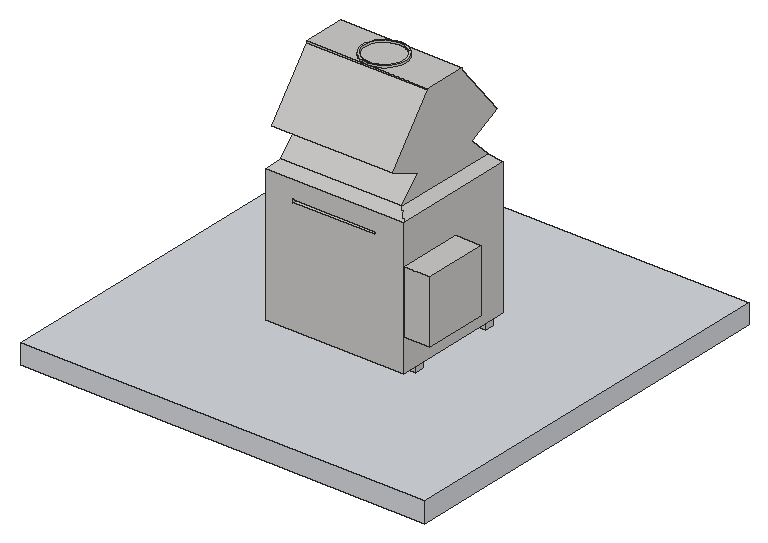
Revit family "DC_Rheem_PLM_Raypak_B0538ID", category Plumbing Fixtures, host Face, Revit 2020
Family settings
  Host = Face
  Round Connector Dimension = Use Radius
  Part Type = Normal
  Cut with Voids When Loaded = No
  Shared = No
  Room Calculation Point = No
Parameters (values of type "Raypak - Gas Water Heater- Indoor - 505 MJ/h  Propane gas, On/Off gas control")
  Width_ANZRS = 830 mm
  URL = "http://www.rheem.com.au/CommercialProducts"
  Type Comments = "Recovery 1978L/h @ 50oC rise\r\n"
  TopH2_ANZRS = 125 mm
  TopH1_ANZRS = 350 mm
  TopDiaSmall_ANZRS = 255 mm
  TopDiaBig_ANZRS = 785 mm
  T_ANZRS = 50 mm
  Materials_ANZRS = Raypak - Grey Powder Coated Steel
  PVRDist_ANZRS = 85 mm
  PRV_ANZRS = 15 mm
  Model = "B0538PCO/ID\r\n\r\n\r\n"
  Manufacturer = "Raypak\r\n"
  Length_ANZRS = 750 mm
  L1_ANZRS = 387 mm
  HotWateroutletradius_ANZRS = 32.5 mm
  HotWateroutletDiameter_ANZRS = HotWateroutletradius_ANZRS * 2  # 65 mm
  HotWaterConn.Dist_ANZRS = 155 mm
  Height_ANZRS = 1460 mm
  H1_ANZRS = 935 mm
  GasInletradius_ANZRS = 12.5 mm
  GasInletHeight_ANZRS = 435 mm
  GasInletDiameter_ANZRS = GasInletradius_ANZRS * 2  # 25 mm
  GasConn.Dist_ANZRS = 95 mm
  EleBoxW_ANZRS = 160 mm
  EleBoxHeightFromBase_ANZRS = 235 mm
  EleBoxHeight_ANZRS = 380 mm
  DesignBy_ANZRS = "Design Content ©"
  Description = "Raypak - Gas Water Heater- Indoor - 505 MJ/h  Propane gas, On/Off gas control"
  Default Elevation = 0 mm  # constant formula
  ConnHeight_ANZRS = 745 mm
  ColdWaterInletRadius_ANZRS = 32.5 mm
  ColdWaterInletDiameter_ANZRS = ColdWaterInletRadius_ANZRS * 2  # 65 mm
  ColdWaterConn.Dist_ANZRS = 280 mm
  BoxHeight_ANZRS = 850 mm
  Base1Dist_ANZRS = 75 mm
  BaseWidth_ANZRS = 55 mm
  BaseHeight_ANZRS = 35 mm
  Basae2Dist_ANZRS = 95 mm
  Author_ANZRS = "DM"
  Assembly Code = ""
Types (4, lengths in mm): name | Type Comments | Model | GasInletradius_ANZRS | GasInletDiameter_ANZRS | Description
  Raypak - Gas Water Heater- Indoor - 539 MJ/h  Natural gas, modulating gas control | "Recovery 2064L/h @ 50oC rise\r\n" | "B0538NCM/ID\r\n" | 12.5 | 25 | "Raypak - Gas Water Heater- Indoor - 539 MJ/h  Natural gas, modulating gas control\r\n"
  Raypak - Gas Water Heater- Indoor - 539  MJ/h  Natural gas, On/Off gas control | "Recovery 2064L/h @ 50oC rise\r\n" | "B0538NCO/ID\r\n" | 12.5 | 25 | "Raypak - Gas Water Heater- Indoor - 539  MJ/h  Natural gas, On/Off gas control\r\n"
  Raypak - Gas Water Heater- Indoor - 505 MJ/h  Propane gas, modulating gas control | "Recovery 1978L/h @ 50oC rise\r\n" | "B0538PCM/ID\r\n\r\n" | 10 | 20 | "Raypak - Gas Water Heater- Indoor - 505 MJ/h  Propane gas, modulating gas control\r\n"
  Raypak - Gas Water Heater- Indoor - 505 MJ/h  Propane gas, On/Off gas control | "Recovery 1978L/h @ 50oC rise\r\n" | "B0538PCO/ID\r\n\r\n\r\n" | 12.5 | 25 | "Raypak - Gas Water Heater- Indoor - 505 MJ/h  Propane gas, On/Off gas control"
Reference planes
  plane 1 "Center (Front/Back)": y = 0
  plane 2: z = 0
  plane 3 "Center (Left/Right)": x = 0
  plane 4: y = 375
  plane 5: y = -375
  plane 6: x = -415
  plane 7: x = 415
  plane 8: z = 35
  plane 9: z = 850
  plane 10: y = 300
  plane 11: y = 245
  plane 12: y = -225
  plane 13: y = -280
  plane 14: y = -280
  plane 15: y = 220
  plane 16: y = -60
  plane 17: z = 745
  plane 18: y = 290
  plane 19: y = 127.5
  plane 20: y = -127.5
  plane 21: y = 392.5
  plane 22: y = -392.5
  plane 23: z = 1460
  plane 24: z = 1110
  plane 25: z = 985
  plane 26: y = 325
  plane 27: y = -325
  plane 28: z = 900
  plane 29: z = 435
  plane 30: x = -392.5
  plane 31: x = 392.5
  plane 32: x = -127.5
  plane 33: x = 127.5
  plane 34: x = 575
  plane 35: z = 615
  plane 36: z = 235
  plane 37: z = 725
  plane 38: x = 250
  plane 39: x = -250
  plane 40: y = -365
  plane 41: x = -405
  plane 42: z = 1440
  plane 43: z = 1450
  plane 44: y = -117.5
  plane 45 "Electrical Box End": y = 10
Forms (mm)
  Extrusion 1, solid
    sketch origin (0, 0, 0) x (1, 0, 0) y (0, 1, 0)
      loop
        line (-1219.2, 1219.2) -> (-1219.2, -1219.2) -> (1219.2, -1219.2) -> (1219.2, 1219.2) -> (-1219.2, 1219.2)
    from 0 to -120
  Extrusion 2, solid, material "Raypak - Grey Powder Coated Steel" <- "Materials_ANZRS"
    sketch origin (0, 0, 0) x (1, 0, 0) y (0, 1, 0)
      loop
        line (-415, 375) -> (-415, -375) -> (415, -375) -> (415, 375) -> (-415, 375)
    from 35 to 850
  Extrusion 3, solid, material "Raypak - Grey Powder Coated Steel" <- "Materials_ANZRS"
    sketch origin (0, 0, 0) x (0, 1, 0) y (0, 0, 1)
      loop
        line (300, 35) -> (245, 35) -> (245, 0) -> (300, 0) -> (300, 35)
      loop
        line (-225, 35) -> (-280, 35) -> (-280, 0) -> (-225, 0) -> (-225, 35)
    from -415 to 415
  Extrusion 4, solid, material "Raypak - Grey Powder Coated Steel" <- "Materials_ANZRS"
    sketch origin (0, 0, 0) x (1, 0, 0) y (0, 0, 1)
      loop
        line (415, 615) -> (415, 235) -> (575, 235) -> (575, 615) -> (415, 615)
    from -10 to 375
  Extrusion 5, void
    sketch origin (0, 0, 0) x (1, 0, 0) y (0, 0, 1)
      loop
        line (-250, 745) -> (-250, 725) -> (250, 725) -> (250, 745) -> (-250, 745)
    from 344.946 to 375
  Extrusion 6, void
    sketch origin (0, 0, 0) x (0, 1, 0) y (0, 0, 1)
      loop
        circle (290, 745) r 15
      loop
        circle (220, 745) r 32.5
      loop
        circle (-60, 745) r 32.5
      loop
        circle (-280, 435) r 12.5
    from -415 to -405
  Blend 7, solid, material "Raypak - Grey Powder Coated Steel" <- "Materials_ANZRS"
    base sketch origin (0, 0, 0) x (1, 0, 0) y (0, 1, 0)
      loop
        line (-415, 375) -> (-415, -375) -> (415, -375) -> (415, 375) -> (-415, 375)
    top sketch origin (0, 0, 0) x (1, 0, 0) y (0, 1, 0)
      loop
        line (365, 325) -> (-365, 325) -> (-365, -325) -> (365, -325) -> (365, 325)
    from 850 to 900
  Extrusion 8, solid, material "Raypak - Grey Powder Coated Steel" <- "Materials_ANZRS"
    sketch origin (0, 0, 0) x (0, 1, 0) y (0, 0, 1)
      loop
        line (127.5, 1440) -> (127.5, 1450) -> (-127.5, 1450) -> (-127.5, 1440) -> (-392.5, 1110) -> (-200.648, 1024.352) -> (-325, 900) -> (325, 900) -> (200.648, 1024.352) -> (392.5, 1110) -> (127.5, 1440)
    from -365 to 365
  Revolve 9, solid, material "Raypak - Grey Powder Coated Steel" <- "Materials_ANZRS"
    sketch origin (0, 0, 0) x (0, 1, 0) y (0, 0, 1)
      loop
        line (-127.5, 1450) -> (-117.5, 1450) -> (-117.5, 1460) -> (-127.5, 1460) -> (-127.5, 1450)
      axis (0, 1460) -> (0, 1450)
    angle from 0 to 360
Cuts and joins
  Extrusion 5, Extrusion 6 cuts Extrusion 2
Lines and regions (mm)
  Masking region 1
    outline origin (0, 0, 0) x (1, 0, 0) y (0, 0, 1)
      loop
        line (-365, 1450) -> (-365, 900) -> (-415, 850) -> (-415, 0) -> (415, 0) -> (415, 235) -> (575, 235) -> (575, 615) -> (415, 615) -> (415, 850) -> (365, 900) -> (365, 1450) -> (127.5, 1450) -> (127.5, 1460) -> (-127.5, 1460) -> (-127.5, 1450) -> (-365, 1450)
  Masking region 2
    outline origin (0, 0, 0) x (0, 1, 0) y (0, 0, 1)
      loop
        line (-127.5, 1460) -> (-127.5, 1440) -> (-392.5, 1110) -> (-200.648, 1024.352) -> (-375, 850) -> (-375, 0) -> (375, 0) -> (375, 850) -> (200.648, 1024.352) -> (392.5, 1110) -> (127.5, 1440) -> (127.5, 1460) -> (-127.5, 1460)
  symbolic lines, style "Raypak - Raypak", detail levels fine
    curve 1: line (-365, 392.5, 0) -> (365, 392.5, 0)
    curve 2: line (-365, -392.5, 0) -> (-365, 392.5, 0)
    curve 3: line (365, -392.5, 0) -> (-365, -392.5, 0)
    curve 4: line (365, 392.5, 0) -> (365, -392.5, 0)
    curve 5: line (365, 127.5, 0) -> (-365, 127.5, 0)
    curve 6: line (-365, -127.5, 0) -> (365, -127.5, 0)
    curve 7: arc (0, 127.5, 0) -> (127.5, 0, 0) -> (0, -127.5, 0) r 127.5
    curve 8: arc (0, -127.5, 0) -> (-127.5, 0, 0) -> (0, 127.5, 0) r 127.5
    curve 9: arc (0, -117.5, 0) -> (-117.5, 0, 0) -> (0, 117.5, 0) r 117.5
    curve 10: arc (0, 117.5, 0) -> (117.5, 0, 0) -> (0, -117.5, 0) r 117.5
    curve 11: line (-415, 375, 0) -> (-415, -375, 0)
    curve 12: line (415, -375, 0) -> (415, 375, 0)
    curve 13: line (-415, -375, 0) -> (-365, -375, 0)
    curve 14: line (415, 375, 0) -> (365, 375, 0)
    curve 15: line (365, 325, 0) -> (415, 375, 0)
    curve 16: line (415, -375, 0) -> (365, -325, 0)
    curve 17: line (-415, -375, 0) -> (-365, -325, 0)
    curve 18: line (-415, 375, 0) -> (-365, 325, 0)
    curve 19: line (575, 10, 0) -> (415, 10, 0)
    curve 20: line (575, -375, 0) -> (575, 10, 0)
    curve 21: line (415, -375, 0) -> (575, -375, 0)
    curve 22: line (365, -375, 0) -> (415, -375, 0)
    curve 23: line (-365, 375, 0) -> (-415, 375, 0)
    curve 24: line (-365, 0, 1450) -> (-365, 0, 900)
    curve 25: line (365, 0, 1450) -> (-365, 0, 1450)
    curve 26: line (-127.5, 0, 1460) -> (127.5, 0, 1460)
    curve 27: line (127.5, 0, 1450) -> (127.5, 0, 1460)
    curve 28: line (-127.5, 0, 1450) -> (-127.5, 0, 1460)
    curve 29: line (-365, 0, 1440) -> (365, 0, 1440)
    curve 30: line (-365, 0, 1110) -> (365, 0, 1110)
    curve 31: line (-365, 0, 1024.352) -> (365, 0, 1024.352)
    curve 32: line (-365, 0, 900) -> (365, 0, 900)
    curve 33: line (-365, 0, 900) -> (-415, 0, 850)
    curve 34: line (415, 0, 850) -> (365, 0, 900)
    curve 35: line (415, 0, 35) -> (415, 0, 850)
    curve 36: line (-415, 0, 850) -> (-415, 0, 35)
    curve 37: line (-415, 0, 850) -> (415, 0, 850)
    curve 38: line (-415, 0, 35) -> (415, 0, 35)
    curve 39: line (-415, 0, 35) -> (-415, 0, 0)
    curve 40: line (-415, 0, 0) -> (415, 0, 0)
    curve 41: line (415, 0, 0) -> (415, 0, 35)
    curve 42: line (415, 0, 235) -> (575, 0, 235)
    curve 43: line (575, 0, 235) -> (575, 0, 615)
    curve 44: line (575, 0, 615) -> (415, 0, 615)
    curve 45: line (250, 0, 745) -> (-250, 0, 745)
    curve 46: line (250, 0, 725) -> (250, 0, 745)
    curve 47: line (-250, 0, 725) -> (250, 0, 725)
    curve 48: line (-250, 0, 745) -> (-250, 0, 725)
    curve 49: line (0, -127.5, 1460) -> (0, 127.5, 1460)
    curve 50: line (0, 127.5, 1450) -> (0, -127.5, 1450)
    curve 51: line (0, -127.5, 1460) -> (0, -127.5, 1440)
    curve 52: line (0, 127.5, 1440) -> (0, 127.5, 1460)
    curve 53: line (0, -127.5, 1440) -> (0, -392.5, 1110)
    curve 54: line (0, 392.5, 1110) -> (0, 127.5, 1440)
    curve 55: line (0, 200.648, 1024.352) -> (0, 392.5, 1110)
    curve 56: line (0, -392.5, 1110) -> (0, -200.648, 1024.352)
    curve 57: line (0, -200.648, 1024.352) -> (0, -375, 850)
    curve 58: line (0, 375, 850) -> (0, 200.648, 1024.352)
    curve 59: line (0, -375, 850) -> (0, 375, 850)
    curve 60: line (0, -325, 900) -> (0, 325, 900)
    curve 61: line (0, -375, 850) -> (0, -375, 35)
    curve 62: line (0, 375, 35) -> (0, 375, 850)
    curve 63: line (0, -375, 35) -> (0, 375, 35)
    curve 64: line (0, 245, 35) -> (0, 245, 0)
    curve 65: line (0, 300, 0) -> (0, 300, 35)
    curve 66: line (0, 245, 0) -> (0, 300, 0)
    curve 67: line (0, -225, 0) -> (0, -225, 35)
    curve 68: line (0, -280, 35) -> (0, -280, 0)
    curve 69: line (0, -280, 0) -> (0, -225, 0)
    curve 70: arc (0, -292.5, 435) -> (0, -280, 422.5) -> (0, -267.5, 435) r 12.5
    curve 71: arc (0, -267.5, 435) -> (0, -280, 447.5) -> (0, -292.5, 435) r 12.5
    curve 72: arc (0, -92.5, 745) -> (0, -60, 712.5) -> (0, -27.5, 745) r 32.5
    curve 73: arc (0, -27.5, 745) -> (0, -60, 777.5) -> (0, -92.5, 745) r 32.5
    curve 74: arc (0, 187.5, 745) -> (0, 220, 712.5) -> (0, 252.5, 745) r 32.5
    curve 75: arc (0, 252.5, 745) -> (0, 220, 777.5) -> (0, 187.5, 745) r 32.5
    curve 76: arc (0, 305, 745) -> (0, 290, 760) -> (0, 275, 745) r 15
    curve 77: arc (0, 275, 745) -> (0, 290, 730) -> (0, 305, 745) r 15
Dimensions and locks
  equal spacing: plane 4, plane 1 "Center (Front/Back)", plane 5
  "Length_ANZRS": plane 4 to plane 5
  equal spacing: plane 6, plane 3 "Center (Left/Right)", plane 7
  "Width_ANZRS": plane 6 to plane 7
  "BaseHeight_ANZRS": plane 8 to Extrusion 1
  "BoxHeight_ANZRS": plane 9 to Extrusion 1
  "Base1Dist_ANZRS": plane 4 to plane 10
  "BaseWidth_ANZRS": plane 10 to plane 11
  "Basae2Dist_ANZRS": plane 13 to plane 5
  "BaseWidth_ANZRS": plane 12 to plane 13
  "GasConn.Dist_ANZRS": plane 14 to plane 5
  "HotWaterConn.Dist_ANZRS": plane 4 to plane 15
  "ColdWaterConn.Dist_ANZRS": plane 15 to plane 16
  "ConnHeight_ANZRS": plane 17 to Extrusion 1
  "PVRDist_ANZRS": plane 4 to plane 18
  equal spacing: plane 19, plane 1 "Center (Front/Back)", plane 20
  "TopDiaSmall_ANZRS": plane 19 to plane 20
  equal spacing: plane 21, plane 1 "Center (Front/Back)", plane 22
  "TopDiaBig_ANZRS": plane 21 to plane 22
  "Height_ANZRS": plane 23 to Extrusion 1
  "T_ANZRS": plane 4 to plane 26
  "T_ANZRS": plane 27 to plane 5
  "TopH1_ANZRS": plane 23 to plane 24
  "TopH2_ANZRS": plane 24 to plane 25
  "GasInletHeight_ANZRS": plane 29 to Extrusion 1
  equal spacing: plane 32, plane 3 "Center (Left/Right)", plane 33
  equal spacing: plane 30, plane 3 "Center (Left/Right)", plane 31
  "TopDiaBig_ANZRS": plane 30 to plane 31
  "TopDiaSmall_ANZRS": plane 32 to plane 33
  "EleBoxW_ANZRS": plane 34 to plane 7
  "EleBoxHeight_ANZRS": plane 35 to plane 36
  "EleBoxHeightFromBase_ANZRS": plane 36 to Extrusion 1
  equal spacing: plane 38, plane 3 "Center (Left/Right)", plane 39
  plane 38 to plane 39 = 500 mm
  locked: plane 40 to plane 5 at 10
  locked: plane 6 to plane 41 at 10
  "T_ANZRS": plane 28 to plane 9
  plane 23 to plane 42 = 20 mm
  equal spacing: plane 23, plane 43, plane 42
  locked: plane 44 to plane 20 at 10
  "GasInletradius_ANZRS": radius of Extrusion 6 sketch curve
  "ColdWaterInletRadius_ANZRS": radius of Extrusion 6 sketch curve
  "HotWateroutletradius_ANZRS": radius of Extrusion 6 sketch curve
  "PRV_ANZRS": radius of Extrusion 6 sketch curve
  aligned and locked: plane 2 to Extrusion 1
  aligned and locked: level to Extrusion 1
  aligned and locked: Extrusion 2 sketch curve to plane 4
  aligned and locked: plane 6 to Extrusion 2 sketch curve
  aligned and locked: Extrusion 2 sketch curve to plane 5
  aligned and locked: plane 7 to Extrusion 2 sketch curve
  aligned and locked: Extrusion 2 to plane 8
  aligned and locked: plane 9 to Extrusion 2
  aligned and locked: plane 8 to Extrusion 3 sketch curve  (x2)
  aligned and locked: Extrusion 3 sketch curve to plane 10
  aligned and locked: Extrusion 3 sketch curve to level  (x2)
  aligned and locked: plane 11 to Extrusion 3 sketch curve
  aligned and locked: Extrusion 3 sketch curve to plane 12
  aligned and locked: plane 14 to Extrusion 3 sketch curve
  aligned and locked: Extrusion 3 to plane 6
  aligned and locked: Extrusion 3 to plane 7
  aligned and locked: Extrusion 4 sketch curve to plane 35
  aligned and locked: Extrusion 4 sketch curve to plane 7
  aligned and locked: plane 36 to Extrusion 4 sketch curve
  aligned and locked: Extrusion 4 sketch curve to plane 34
  aligned and locked: Extrusion 5 sketch curve to plane 17
  aligned and locked: plane 39 to Extrusion 5 sketch curve
  aligned and locked: plane 37 to Extrusion 5 sketch curve
  aligned and locked: Extrusion 5 sketch curve to plane 38
  aligned and locked: plane 5 to Extrusion 5
  aligned and locked: plane 17 to Extrusion 6 sketch curve  (x3)
  aligned and locked: plane 18 to Extrusion 6 sketch curve
  aligned and locked: plane 15 to Extrusion 6 sketch curve
  aligned and locked: plane 16 to Extrusion 6 sketch curve
  aligned and locked: plane 14 to Extrusion 6 sketch curve
  aligned and locked: plane 29 to Extrusion 6 sketch curve
  aligned and locked: Extrusion 6 to plane 6
  aligned and locked: Extrusion 6 to plane 41
  aligned and locked: Blend 7 sketch curve to cut or joined group of Extrusion 2, Extrusion 5, Extrusion 6  (x4)
  aligned and locked: Blend 7 to plane 9
  aligned and locked: plane 28 to Blend 7
  aligned and locked: plane 19 to Extrusion 8 sketch curve
  aligned and locked: Extrusion 8 sketch curve to plane 20
  aligned and locked: Extrusion 8 sketch curve to Blend 7  (x2)
  aligned and locked: plane 28 to Extrusion 8 sketch curve
  aligned and locked: Extrusion 8 to Blend 7  (x2)
  aligned and locked: Extrusion 8 sketch curve to plane 43
  aligned and locked: Revolve 9 sketch curve to plane 20
  aligned and locked: plane 23 to Revolve 9 sketch curve
  aligned and locked: Extrusion 8 to Revolve 9 sketch curve
  aligned and locked: Revolve 9 sketch curve to plane 44
  aligned and locked: Masking region 1 sketch curve to Extrusion 8  (x3)
  aligned and locked: Masking region 1 sketch curve to Revolve 9
  aligned and locked: Masking region 1 sketch curve to Blend 7  (x2)
  aligned and locked: Masking region 1 sketch curve to cut or joined group of Extrusion 2, Extrusion 5, Extrusion 6  (x2)
  aligned and locked: Extrusion 1 to Masking region 1 sketch curve
  aligned and locked: Masking region 1 sketch curve to plane 33
  aligned and locked: Masking region 1 sketch curve to plane 32
  aligned and locked: Masking region 1 sketch curve to plane 35
  aligned and locked: Masking region 1 sketch curve to plane 34
  aligned and locked: Masking region 1 sketch curve to plane 36
  aligned and locked: Masking region 2 sketch curve to Revolve 9
  aligned and locked: Masking region 2 sketch curve to Extrusion 8  (x8)
  aligned and locked: Masking region 2 sketch curve to cut or joined group of Extrusion 2, Extrusion 5, Extrusion 6  (x2)
  aligned and locked: Extrusion 1 to Masking region 2 sketch curve
  aligned: cut or joined group of Extrusion 2, Extrusion 5, Extrusion 6 to Extrusion 4
  aligned and locked: cut or joined group of Extrusion 2, Extrusion 5, Extrusion 6 to Extrusion 4
  aligned and locked: Extrusion 4 to plane 45 "Electrical Box End"
  aligned and locked: curve 19 to plane 45 "Electrical Box End"
  aligned and locked: curve 75 to cut or joined group of Extrusion 2, Extrusion 5, Extrusion 6
  aligned and locked: curve 73 to cut or joined group of Extrusion 2, Extrusion 5, Extrusion 6
  aligned and locked: curve 71 to cut or joined group of Extrusion 2, Extrusion 5, Extrusion 6
Automatic sketch dimensions
  Extrusion 1 sketch curve to Extrusion 1 sketch curve = 2438.4 mm  (x2)
  Blend 7 sketch curve to plane 27 = 0 mm
  plane 26 to Blend 7 sketch curve = 0 mm
  Blend 7 sketch curve to plane 41 = 40 mm
  plane 7 to Blend 7 sketch curve = 50 mm
  Extrusion 8 sketch curve to plane 22 = 0 mm
  Extrusion 8 sketch curve to plane 21 = 0 mm
  Extrusion 8 sketch curve to plane 24 = 0 mm  (x2)
  Extrusion 8 sketch curve to plane 42 = 0 mm  (x2)
  Extrusion 8 sketch curve to plane 12 = 24.352 mm
  plane 15 to Extrusion 8 sketch curve = 19.352 mm
  Revolve 9 sketch curve to plane 1 "Center (Front/Back)" = 0 mm
  Revolve 9 sketch curve to level = 2207.352 mm
  plane 23 to Revolve 9 sketch curve = 883.807 mm
  Masking region 1 sketch curve to plane 43 = 0 mm
  plane 7 to Masking region 1 sketch curve = 0 mm
  curve 40 to level = 0 mm
  curve 39 to plane 6 = 0 mm
  curve 29 to plane 42 = 0 mm
  curve 30 to plane 24 = 0 mm
  curve 32 to plane 28 = 0 mm
  curve 47 to plane 37 = 0 mm
  curve 47 to plane 39 = 0 mm
  plane 32 to curve 26 = 0 mm
  plane 33 to curve 27 = 0 mm
  curve 46 to plane 17 = 0 mm
  curve 46 to plane 38 = 0 mm
  plane 7 to curve 40 = 0 mm
  curve 42 to plane 34 = 0 mm
  curve 39 to plane 8 = 0 mm
  curve 43 to plane 36 = 0 mm
  curve 44 to plane 35 = 0 mm
  curve 37 to plane 9 = 0 mm
  curve 27 to plane 43 = 0 mm
  curve 27 to plane 23 = 0 mm
  curve 24 to plane 30 = 27.5 mm
  curve 34 to plane 31 = 27.5 mm
  curve 25 to plane 31 = 27.5 mm
  curve 31 to plane 31 = 27.5 mm
  curve 30 to plane 31 = 27.5 mm
  curve 25 to curve 29 = 0 mm
  curve 31 to plane 25 = 39.352 mm
  curve 53 to plane 22 = 0 mm
  curve 61 to plane 5 = 0 mm
  curve 60 to plane 27 = 0 mm
  curve 68 to plane 13 = 0 mm
  curve 69 to plane 12 = 0 mm
  curve 53 to plane 20 = 0 mm
  curve 54 to plane 19 = 0 mm
  curve 64 to level = 0 mm
  curve 66 to plane 11 = 0 mm
  curve 77 to plane 17 = 0 mm
  curve 77 to plane 18 = 0 mm
  curve 66 to plane 10 = 0 mm
  curve 60 to plane 26 = 0 mm
  curve 63 to plane 4 = 0 mm
  curve 54 to plane 21 = 0 mm
  curve 68 to level = 0 mm
  curve 67 to plane 8 = 0 mm
  curve 57 to plane 9 = 0 mm
  curve 60 to plane 28 = 0 mm
  curve 53 to plane 24 = 0 mm
  curve 55 to plane 24 = 0 mm
  plane 42 to curve 54 = 0 mm
  curve 53 to plane 42 = 0 mm
  curve 50 to plane 43 = 0 mm
  curve 52 to plane 23 = 0 mm
  curve 56 to plane 12 = 24.352 mm
  plane 15 to curve 58 = 19.352 mm
  plane 18 to curve 77 = 15 mm
  curve 7 to curve 9 = 0 mm  (x2)
  curve 8 to curve 9 = 0 mm
  plane 5 to curve 11 = 0 mm
  curve 11 to plane 6 = 0 mm
  curve 2 to plane 21 = 0 mm
  curve 23 to plane 4 = 0 mm
  plane 26 to curve 18 = 0 mm
  curve 5 to plane 19 = 0 mm
  plane 20 to curve 6 = 0 mm
  curve 17 to plane 27 = 0 mm
  plane 22 to curve 2 = 0 mm
  curve 8 to plane 3 "Center (Left/Right)" = 0 mm
  plane 5 to curve 22 = 0 mm
  curve 14 to plane 4 = 0 mm
  plane 26 to curve 15 = 0 mm
  curve 16 to plane 27 = 0 mm
  curve 16 to plane 7 = 0 mm
  curve 20 to plane 34 = 0 mm
  plane 44 to curve 9 = 0 mm
  curve 2 to plane 30 = 27.5 mm
  curve 22 to plane 31 = 27.5 mm
Connectors
  piping at (-415, 290, 745), diameter 30, driven by "PRV_ANZRS"
    settings: on cut or joined group of Extrusion 2, Extrusion 5, Extrusion 6, index 1, connector inside diameter 1.1811", connector length 0 mm, flow factor 0, pipe flow 0 GPM, pressure drop 0.00 psi, fitting loss kfactor 0, connector angle 0.00°, fixture units 0, engagement length 0 mm, angle of deflection 0.00°, flow configuration 1, flow direction 2, fitting loss method 0, system type 22, joint type 0, gender type 0, connector reference index -1, connector utility 0, adjustable connector no, is connector primary yes, connector description ""
  piping at (-415, 220, 745), diameter 65, driven by "HotWateroutletradius_ANZRS"
    settings: on cut or joined group of Extrusion 2, Extrusion 5, Extrusion 6, index 2, connector inside diameter 2.55906", connector length 0 mm, flow factor 0, pipe flow 0 GPM, pressure drop 0.00 psi, fitting loss kfactor 0, connector angle 0.00°, fixture units 0, engagement length 0 mm, angle of deflection 0.00°, flow configuration 1, flow direction 1, fitting loss method 0, system type 19, joint type 0, gender type 0, connector reference index -1, connector utility 0, adjustable connector no, is connector primary no, connector description ""
  piping at (-415, -60, 745), diameter 65, driven by "ColdWaterInletRadius_ANZRS"
    settings: on cut or joined group of Extrusion 2, Extrusion 5, Extrusion 6, index 3, connector inside diameter 2.55906", connector length 0 mm, flow factor 0, pipe flow 0 GPM, pressure drop 0.00 psi, fitting loss kfactor 0, connector angle 0.00°, fixture units 0, engagement length 0 mm, angle of deflection 0.00°, flow configuration 1, flow direction 1, fitting loss method 0, system type 20, joint type 0, gender type 0, connector reference index -1, connector utility 0, adjustable connector no, is connector primary no, connector description ""
  piping at (-415, -280, 435), diameter 25, driven by "GasInletradius_ANZRS"
    settings: on cut or joined group of Extrusion 2, Extrusion 5, Extrusion 6, index 4, connector inside diameter 0.98425", connector length 0 mm, flow factor 0, pipe flow 0 GPM, pressure drop 0.00 psi, fitting loss kfactor 0, connector angle 0.00°, fixture units 0, engagement length 0 mm, angle of deflection 0.00°, flow configuration 1, flow direction 1, fitting loss method 0, system type 22, joint type 0, gender type 0, connector reference index -1, connector utility 0, adjustable connector no, is connector primary no, connector description "Gas"
